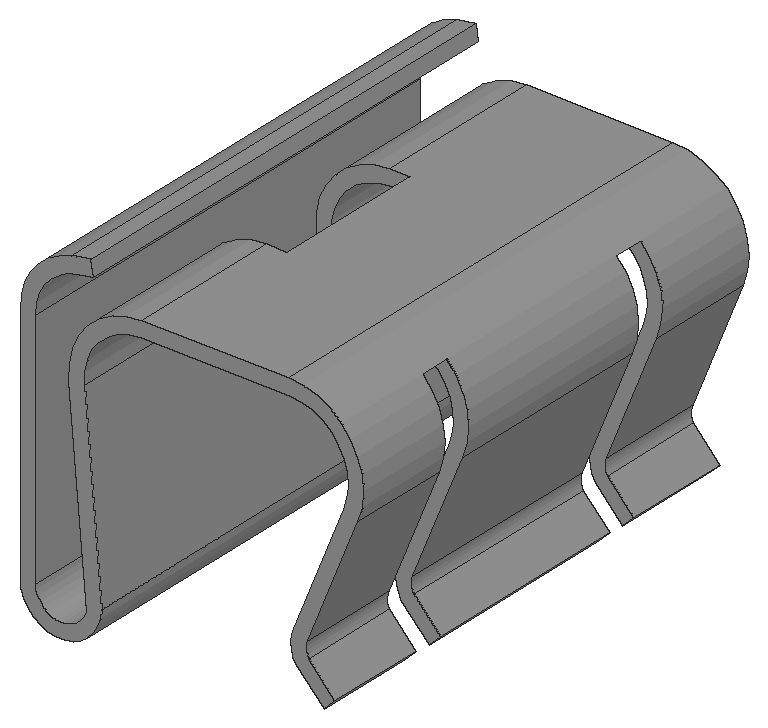
Revit family "Deckelklammer- DK DRLU A2.pdf", category Generic Models, Revit 2017
Family settings
  Can host rebar = No
  Round Connector Dimension = Use Diameter
  Part Type = Normal
  Work Plane-Based = No
  Always vertical = Yes
  Cut with Voids When Loaded = No
  Shared = No
  Room Calculation Point = No
Parameters (values of type "DK DRLU A2")
  URL = "http://www.obo-bettermann.com"
  Material = Stainless steel, A2
  Manufacturer Art.No. = "6052810"
  Manufacturer = "OBO BETTERMANN"
  GTIN = "4012196692347"
  Article Type = "DK DRLU A2"
Reference planes
  plane 1 "Center (Front/Back)": y = 0
  plane 2: z = 0
  plane 3 "Center (Left/Right)": x = 0
  plane 4: z = 11.648
  plane 5: z = 14.218
  plane 6: z = 16.128
  plane 7: x = 0.408
  plane 8: x = 2.108
  plane 9: x = 3.818
  plane 10: x = 4.197
  plane 11: x = 2.097
  plane 12: z = 14.218
  plane 13: through (4.558, -1524, 15.917) normal (0.5812, 0, -0.8138)
  plane 14: through (3.45, -1524, -0.453) normal (0.9963, 0, 0.0863)
  plane 15: x = 3.45
  plane 16: x = 2.527
  plane 17: x = 17.927
  plane 18: x = 13.26
  plane 19: x = 4.21
  plane 20: x = 13.26
  plane 21: z = -0.962
  plane 22: z = 1.918
  plane 23: y = 25
  plane 24: y = 12.335
  plane 25: y = 5.235
  plane 26: y = 6.835
  plane 27: y = 12.094
  plane 28: z = 6.529
  plane 29: z = 10.659
  plane 30: y = 12.335
  plane 31: y = 7.535
Forms (mm)
  Extrusion 1, solid, material "Stainless steel, A2" <- "Material"
    sketch origin (0, 0, 0) x (1, 0, 0) y (0, 0, 1)
      loop
        line (-0.003, 12.57) -> (-0.003, 0.024)
        arc (-0.003, 0.024) -> (2.104, -2.083) -> (4.212, 0.024) r 2.108
        line (4.212, 0.024) -> (3.334, 10.159)
        arc (3.334, 10.159) -> (4.112, 12.446) -> (6.323, 13.418) r 3
        line (6.323, 13.418) -> (13.997, 13.418)
        arc (13.997, 13.418) -> (16.588, 12.007) -> (16.81, 9.065) r 3.085
        line (16.81, 9.065) -> (14.215, 2.644)
        arc (14.215, 2.644) -> (14.09, 1.826) -> (14.344, 1.039) r 1.8
        line (14.344, 1.039) -> (15.813, -0.537) -> (16.379, 0.029) -> (14.994, 1.515)
        arc (14.994, 1.515) -> (14.885, 1.925) -> (14.957, 2.344) r 1
        line (14.957, 2.344) -> (17.564, 8.797)
        arc (17.564, 8.797) -> (17.216, 12.473) -> (13.961, 14.218) r 3.908
        line (13.961, 14.218) -> (6.323, 14.218)
        arc (6.323, 14.218) -> (3.522, 12.986) -> (2.537, 10.09) r 3.8
        line (2.537, 10.09) -> (3.442, -0.36)
        arc (3.442, -0.36) -> (1.951, -1.306) -> (0.796, 0) r 1.352
        line (0.796, 0) -> (0.796, 12.57)
        arc (0.796, 12.57) -> (1.292, 14.132) -> (2.597, 15.122) r 2.708
        spline (2.597, 15.122) -> (2.617, 15.13) -> (2.677, 15.146) -> (2.774, 15.169) -> (2.9, 15.198) -> (3.047, 15.229) -> (3.205, 15.262) -> (3.363, 15.293) -> (3.51, 15.322) -> (3.637, 15.345) -> (3.735, 15.362) -> (3.797, 15.37) -> (3.818, 15.371)
        line (3.818, 15.371) -> (3.686, 16.151)
        spline (3.686, 16.151) -> (3.668, 16.15) -> (3.618, 16.144) -> (3.538, 16.132) -> (3.434, 16.116) -> (3.313, 16.096) -> (3.184, 16.074) -> (3.054, 16.052) -> (2.933, 16.03) -> (2.83, 16.012) -> (2.751, 15.996) -> (2.701, 15.986) -> (2.684, 15.981)
        arc (2.684, 15.981) -> (0.749, 14.741) -> (-0.003, 12.57) r 3.508
    from 0 to -25
  Extrusion 2, void
    sketch origin (0, 0, 0) x (0, 1, 0) y (0, 0, 1)
      loop
        line (5.235, 13.074) -> (5.235, -0.872) -> (6.835, -0.872) -> (6.835, 13.074) -> (5.235, 13.074)
    from 13.841 to 20.426
  Extrusion 3, void
    sketch origin (0, 24.671, 0) x (0, -1, 0) y (0, 0, -1)
      loop
        line (5.235, -13.074) -> (6.835, -13.074) -> (6.835, 0.872) -> (5.235, 0.872) -> (5.235, -13.074)
    from 13.841 to 20.426
  Extrusion 4, void
    sketch origin (0, 0, 0) x (1, 0, 0) y (0, 1, 0)
      loop
        line (2.252, 16.094) -> (2.252, 8.109) -> (7.392, 8.109) -> (7.392, 16.094) -> (2.252, 16.094)
    from 8.485 to 14.218
  Extrusion 5, void
    sketch origin (0, 0, 0) x (0, 1, 0) y (0, 0, 1)
      loop
        line (11.535, 14.408) -> (11.535, 11.961) -> (7.482, 10.659) -> (6.568, 10.659)
        arc (6.568, 10.659) -> (5.787, 10.032) -> (6.231, 9.134) r 0.8
        line (6.231, 9.134) -> (11.485, 6.69)
        arc (11.485, 6.69) -> (12.33, 6.504) -> (13.174, 6.691) r 2
        line (13.174, 6.691) -> (18.56, 9.203)
        arc (18.56, 9.203) -> (18.866, 10.099) -> (18.103, 10.659) r 0.8
        line (18.103, 10.659) -> (17.189, 10.659) -> (13.135, 11.961) -> (13.135, 14.408) -> (18.322, 16.159) -> (12.335, 16.159) -> (6.348, 16.159) -> (11.535, 14.408)
    from -9.078 to 2.109
Cuts and joins
  Extrusion 2, Extrusion 3, Extrusion 4 cuts Extrusion 1
Dimensions and locks
  locked: plane 7 to plane 8 at 1.7
  locked: plane 9 to plane 8 at 1.71
  Extrusion 1 sketch curve to plane 5 = 1.153 mm
  plane 10 to Extrusion 1 sketch curve = 4.2 mm
  locked: plane 10 to plane 11 at 2.1
  plane 5 to level = 14.218 mm
  locked: plane 16 to plane 3 "Center (Left/Right)" at 2.527
  locked: plane 17 to plane 16 at 15.4
  locked: plane 18 to plane 19 at 9.05
  locked: plane 12 to plane 21 at 15.18
  Extrusion 1 sketch curve to plane 22 = 11.5 mm
  plane 12 to plane 21 = 15.18 mm
  locked: level to Extrusion 1 sketch curve at 2.083
  locked: Extrusion 1 sketch curve to level at 14.218
  locked: Extrusion 1 sketch curve to Extrusion 1 sketch curve at 17.872
  locked: Extrusion 1 sketch curve to Extrusion 1 sketch curve at 0.8  (x4)
  locked: Extrusion 1 sketch curve to Extrusion 1 sketch curve at 14.755
  locked: Extrusion 1 sketch curve to level at 16.151
  locked: Extrusion 1 sketch curve to Extrusion 1 sketch curve at 0.792
  locked: Extrusion 1 sketch curve to Extrusion 1 sketch curve at 0.799
  locked: plane 1 "Center (Front/Back)" to plane 23 at 25
  plane 25 to plane 26 = 1.6 mm
  locked: plane 26 to plane 24 at 5.5
  locked: plane 25 to plane 26 at 1.6
  locked: cut or joined group of Extrusion 1, Extrusion 2, Extrusion 3, Extrusion 4 to cut or joined group of Extrusion 1, Extrusion 2, Extrusion 3, Extrusion 4 at 7.985
  locked: plane 28 to cut or joined group of Extrusion 1, Extrusion 2, Extrusion 3, Extrusion 4 at 9.63
  locked: plane 29 to cut or joined group of Extrusion 1, Extrusion 2, Extrusion 3, Extrusion 4 at 5.5
  locked: plane 24 to Extrusion 5 sketch curve at 0.8
  locked: Extrusion 5 sketch curve to Extrusion 5 sketch curve at 5.987  (x2)
  Extrusion 5 sketch curve to Extrusion 5 sketch curve = 5.987 mm
  locked: plane 30 to plane 31 at 4.8
  radius of Extrusion 1 sketch curve = 3.085 mm
  radius of Extrusion 1 sketch curve = 3 mm
  radius of Extrusion 1 sketch curve = 3.508 mm
  radius of Extrusion 1 sketch curve = 2.108 mm
  radius of Extrusion 5 sketch curve = 0.8 mm
  radius of Extrusion 5 sketch curve = 2 mm
  angle plane 15 to plane 14 = 4.95°
  angle Extrusion 1 sketch curve to Extrusion 1 sketch curve = 68.00°
  angle plane 29 to Extrusion 5 sketch curve = 24.9384°
  angle cut or joined group of Extrusion 1, Extrusion 2, Extrusion 3, Extrusion 4 to Extrusion 5 sketch curve = 18.65°
  aligned and locked: level to plane 2
  aligned and locked: plane 23 to Extrusion 1
Automatic sketch dimensions
  Extrusion 1 sketch curve to Extrusion 1 sketch curve = 0 mm  (x5)
  Extrusion 1 sketch curve to plane 14 = 0 mm
  Extrusion 1 sketch curve to level = 0 mm
  plane 8 to Extrusion 1 sketch curve = 0.041 mm
  Extrusion 1 sketch curve to plane 15 = 0.008 mm
  Extrusion 1 sketch curve to plane 9 = 0.132 mm
  plane 18 to Extrusion 1 sketch curve = 0.701 mm
  Extrusion 1 sketch curve to Extrusion 1 sketch curve = 0.036 mm
  plane 22 to Extrusion 1 sketch curve = 0.726 mm
  Extrusion 1 sketch curve to Extrusion 1 sketch curve = 0.255 mm
  Extrusion 1 sketch curve to plane 22 = 0.879 mm
  plane 18 to Extrusion 1 sketch curve = 1.083 mm
  level to Extrusion 1 sketch curve = 1.515 mm
  level to Extrusion 1 sketch curve = 0.029 mm
  level to Extrusion 1 sketch curve = 0.031 mm
  Extrusion 1 sketch curve to Extrusion 1 sketch curve = 2.48 mm
  Extrusion 2 sketch curve to plane 25 = 0 mm
  Extrusion 2 sketch curve to plane 26 = 0 mm
  Extrusion 2 sketch curve to level = 0.872 mm
  level to Extrusion 2 sketch curve = 13.074 mm
  level to Extrusion 3 sketch curve = 0.872 mm
  plane 23 to Extrusion 3 sketch curve = 5.565 mm
  Extrusion 3 sketch curve to Extrusion 3 sketch curve = 1.6 mm
  Extrusion 3 sketch curve to level = 13.074 mm
  plane 3 "Center (Left/Right)" to Extrusion 4 sketch curve = 2.252 mm
  Extrusion 4 sketch curve to Extrusion 4 sketch curve = 5.139 mm
  plane 26 to Extrusion 4 sketch curve = 1.274 mm
  plane 24 to Extrusion 4 sketch curve = 3.759 mm
  Extrusion 5 sketch curve to plane 29 = 0 mm  (x2)
  Extrusion 5 sketch curve to plane 24 = 0 mm
  plane 31 to Extrusion 5 sketch curve = 0.054 mm
  plane 28 to Extrusion 5 sketch curve = 0.161 mm
  Extrusion 5 sketch curve to plane 24 = 0.007 mm
  plane 24 to Extrusion 5 sketch curve = 0.8 mm
  plane 28 to Extrusion 5 sketch curve = 0.162 mm
  Extrusion 5 sketch curve to Extrusion 5 sketch curve = 0.914 mm
  Extrusion 5 sketch curve to Extrusion 5 sketch curve = 0.8 mm
  plane 29 to Extrusion 5 sketch curve = 1.302 mm  (x2)
  Extrusion 5 sketch curve to Extrusion 5 sketch curve = 2.447 mm
  Extrusion 5 sketch curve to Extrusion 5 sketch curve = 0 mm
  Extrusion 5 sketch curve to Extrusion 5 sketch curve = 0.457 mm
